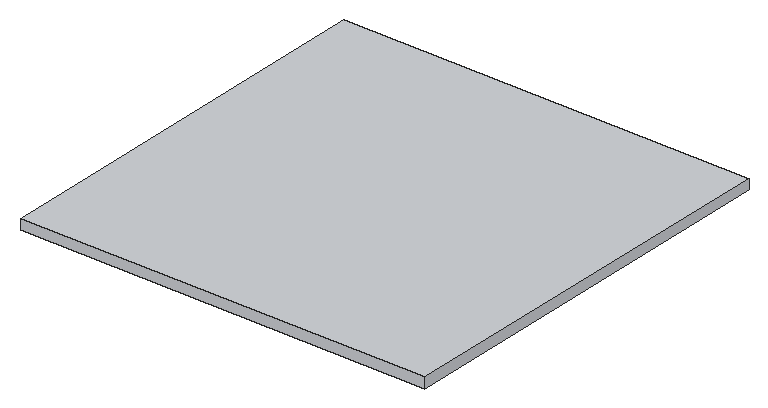
Revit family "49650300", category Aparatos sanitarios, Revit 2017
Family settings
  Anfitrión = Cara
  Cota de conector redondo = Diámetro de uso
  Tipo de pieza = Normal
  Número OmniClass = 23.45.55.14
  Título OmniClass = Single Faucets
  Corte con vacíos al cargar = No
  Compartido = No
  Punto de cálculo de habitación = No
Parameters (values of type "49650300")
  URL = "http://www.griferiasgalindo.com"
  Teléfono = "(+34) 915 782 575"
  TIPO DE AGUA = "Fria/Caliente"
  REFERENCIA = "49650300"
  Presión Máxima = "8 bar"
  PESO BRUTO = ""
  Modelo = "Columna ducha mezcladora LIVRA"
  Material = LATON CROMADO
  Imagen de tipo = <Ninguno>
  Fabricante = "PRESTO IBÉRICA"
  Default Elevation = 1219.2 mm
  ENTRADA = "Hembra 3/4\""
  Descripción = "Grupo ducha mezcladora con columna, rociador y accesorios ducha"
  Código de montaje = "C1030220"
  Contacto = "info@prestoiberica.com"
  Conexión AF = yes
  Conexión AC = yes
  Comentarios de tipo = "Suministrado con excéntricas 1/2\" a 3/4\", flexo, soporte a pared y maneral. Cartucho sellado con discos cerámicos de diámetro 35 mm. Rodiador en ABS cromado de 225 mm. Barra soporte rociador regulable."
  CIERRE = "Manual"
  CAUDAL = ""
  Accionamiento = "Mediante maneta"
Reference planes
  plane 1 "Centro (Frontal/Posterior)": y = 0
  plane 2: z = 0
  plane 3 "Centro (Izquierda/Derecha)": x = 0
Forms (mm)
  Extrusion 1, solid
    sketch origin (0, 0, 0) x (1, 0, 0) y (0, 1, 0)
      loop
        line (-100, 100) -> (-100, -100) -> (100, -100) -> (100, 100) -> (-100, 100)
    from 0 to -5
Dimensions and locks
  Extrusion 1 sketch curve to plane 1 "Centro (Frontal/Posterior)" = 100 mm
  aligned and locked: plane 2 to Extrusion 1
  aligned and locked: level to Extrusion 1
Connectors
  piping at (75.211, -10.126, -19.8), diameter 19.1
    settings: on import instance, index 1, connector inside diameter 609.6 mm, connector length 0 mm, flow factor 0, pipe flow 0.0 L/s, pressure drop 0.0 Pa, fitting loss kfactor 0, connector angle 0.00°, fixture units 0, engagement length 0 mm, angle of deflection 0.00°, flow configuration 0, flow direction 1, fitting loss method 0, system type 20, joint type 0, gender type 0, connector reference index -1, connector utility 0, adjustable connector no, is connector primary yes, connector description ""
  piping at (-74.789, -10.126, -19.8), diameter 19.1
    settings: on import instance, index 2, connector inside diameter 609.6 mm, connector length 0 mm, flow factor 0, pipe flow 0.0 L/s, pressure drop 0.0 Pa, fitting loss kfactor 0, connector angle 0.00°, fixture units 0, engagement length 0 mm, angle of deflection 0.00°, flow configuration 0, flow direction 1, fitting loss method 0, system type 19, joint type 0, gender type 0, connector reference index -1, connector utility 0, adjustable connector no, is connector primary no, connector description ""
